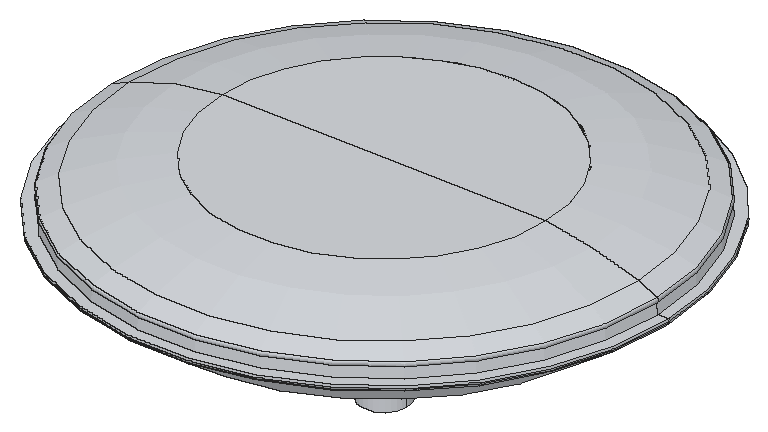
Revit family "Lighting-ArredoUrbano-GEWISS-URBAN[O3]-LED-INNESTO_LATERALE_OTTICA_CICLOPEDONALE", category Apparecchi per illuminazione, host Superficie, Revit 2019
Family settings
  Host = Superficie
  Quota connettore circolare = Usa diametro
  Tipo di parte = Normale
  Numero OmniClass = 23.80.70.00
  Titolo OmniClass = Lighting
  Taglio con vuoti quando caricato = No
  Sorgente d'illuminazione = No
  Condiviso = No
  Punto di calcolo locali = Sì
Parameters (values of type "GWS7208 - URBAN LED 4M 4000K IN.LAT.O.C.GR.GRA")
  Visibility_label [instance] = yes
  Vetro = GEWISS - VETRO
  Versione file RFA = "20.11"
  Urbano 2D [instance] = yes
  URL = "https://www.gewiss.com/it/it"
  Tipologia sorgente luminosa = "LED"
  Tipologia lampada = "LED"
  Tipo alimentatore = "Driver Led in corrente continua"
  Tensione: = "220/240 V - 50/60 Hz"
  Tensione = "220/240 V - 50/60 Hz - Stand alone e/o dimmerabile 1-10 V"
  Temperatura di utilizzo = "-25 +35 °C"
  Temperatura di funzionamento = "-25 +35 °C"
  Temperatura di colore: = "4000 K (CRI 70)"
  Temperatura di colore = "4000 K (CRI 70)"
  Superficie massima esposta al vento = "0,25M2"
  Spostamento_y_etichetta [instance] = 0 mm
  Spostamento_y_effettivo_etichetta [instance] = 1500 mm - Spostamento_y_etichetta  # 1500 mm
  Spostamento_x_etichetta [instance] = 0 mm
  Spostamento_x_effettivo_etichetta [instance] = 1500 mm - Spostamento_x_etichetta  # 1500 mm
  Scheda Tecnica = "https://www.gewiss.com/it/it/search?q=GWS7208"
  SEO = "Stradale"
  Rischio fotobiologico: = "RG1/RG2 @ 20cm"
  Rischio fotobiologico = "RG1/RG2 @ 20cm"
  Resistenza agli urti = "IK08 CORPO - IK06 LENTI"
  R1 = 285 mm  # constant formula
  R = 160 mm  # constant formula
  Simbolo in pianta [instance] = not(Urbano 2D)  # no
  Default Elevation = 1219.2 mm
  Produttore = "GEWISS S.p.A."
  Potenza di sistema = "105W"
  Peso (kg): = "11"
  Peso (kg) = "11"
  Ottica = "Ciclopedonale - ULOR: 0%"
  Numero moduli = "4 (4x16 LED)"
  N. moduli Chorus = "4 (4x16 LED)"
  Modello = "GWS7208"
  Lumen output (lm) = "10560"
  LED LifeTime (L90B20) = "50000H"
  LED LifeTime (L80B20) = "50000h"
  LED Life time (L80B10) = "100000H"
  Immagine tipo = GWS7201.jpg
  IFC.TypeObject = ""
  IFC.ExportType = ""
  IFC.ExportAs = ""
  IDT = "e1528f34-313b-4522-a6c0-c97009e176a5"
  IDF = "fb2fe2b1-1dd6-4fe9-a44e-a8d90994a7e9"
  Grado di protezione = "IP66"
  Garanzia = "5 anni"
  FunzionalitÃ  alimentatore = ""
  Flusso nominale (lm) = "13400"
  Finitura = GEWISS - GRIGIO GRAFITE
  Distanza minima dall'oggetto illuminato = "1M"
  Descrizione = "URBAN LED 4M 4000K INNESTO LAT. OTTICA CICLOPED. GRIGIO"
  Creato da GEWISS S.p.A. = ""
  Corrente di pilotaggio LED = "530mA"
  Corrente di pilotaggio = "530mA"
  Colore = "Grigio grafite"
  Codice Electrocod = "244C"
  Codice EAN = "8011564802650"
  Classe isolamento = "II"
  Catalogo Serie = "URBAN [O3]"
  Catalogo = "LIGHTING"
  COBie.Tagnumber = ""
  COBie.CreatedOn = ""
  COBie.CreatebBy = ""
  COBie.ComponentRegisterItemID = ""
  COBie.Component.TagNumber = ""
  COBie.Component.Space = ""
  COBie.Component.SerialNumber = ""
  COBie.Component.InstallationDate = ""
  COBie.Component.Description = ""
  COBie.Component.BarCode = ""
  Applicazione = "Esterno"
  Adatto per: = "Sbracci commerciali ad innesto laterale"
  Adatto per = "Sbracci commerciali ad innesto laterale"
Types (5, lengths in mm): name | Tensione | Scheda Tecnica | Potenza di sistema | Peso (kg): | Peso (kg) | Numero moduli | N. moduli Chorus | Modello | Lumen output (lm) | IDT | FunzionalitÃ  alimentatore | Flusso nominale (lm) | Descrizione | Codice EAN
  (no name) | "220/240 V - 50/60 Hz - Stand alone e/o dimmerabile 1-10 V" | "https://www.gewiss.com/it/it/search?q=GWS7208" | "105W" | "11" | "11" | "4 (4x16 LED)" | "4 (4x16 LED)" | "GWS7208" | "10560" | "e1528f34-313b-4522-a6c0-c97009e176a5" | "Biregime" | "13400" | "URBAN LED 4M 4000K INNESTO LAT. OTTICA CICLOPED. GRIGIO" | "8011564802650"
  GWS7207 - URBAN LED 3M 4000K IN.LAT.O.C.GR.GRA | "220/240 V - 50/60 Hz - Stand alone e/o dimmerabile 1-10 V" | "https://www.gewiss.com/it/it/search?q=GWS7207" | "81W" | "10,3" | "10,3" | "3 (3x16 LED)" | "3 (3x16 LED)" | "GWS7207" | "8060" | "26f58905-4bfc-4629-96f5-06cf5acb5e82" | "" | "10230" | "URBAN LED 3M 4000K INNESTO LAT. OTTICA CICLOPED. GRIGIO" | "8011564802643"
  GWS7208 - URBAN LED 4M 4000K IN.LAT.O.C.GR.GRA | "220/240 V - 50/60 Hz - Stand alone e/o dimmerabile 1-10 V" | "https://www.gewiss.com/it/it/search?q=GWS7208" | "105W" | "11" | "11" | "4 (4x16 LED)" | "4 (4x16 LED)" | "GWS7208" | "10560" | "e1528f34-313b-4522-a6c0-c97009e176a5" | "" | "13400" | "URBAN LED 4M 4000K INNESTO LAT. OTTICA CICLOPED. GRIGIO" | "8011564802650"
  GWS7227 - URBAN LED 3M 4000K BIR.IN.LAT.O.C.GR.GRA | "220/240 V - 50/60 Hz - Biregime con autoapprendimento" | "https://www.gewiss.com/it/it/search?q=GWS7227" | "81W" | "10,3" | "10,3" | "3 (3x16 LED)" | "3 (3x16 LED)" | "GWS7227" | "8060" | "94889c61-848d-4864-b8ec-3069a0b4ea2d" | "Biregime" | "10230" | "URBAN LED 3M 4000K BIREGIME INNESTO LAT. OTTICA CICLOPED. GRIGIO" | "8011564802766"
  GWS7228 - URBAN LED 4M 4000K BIR.IN.LAT.O.C.GR.GRA | "220/240 V - 50/60 Hz - Biregime con autoapprendimento" | "https://www.gewiss.com/it/it/search?q=GWS7228" | "105W" | "11" | "11" | "4 (4x16 LED)" | "4 (4x16 LED)" | "GWS7228" | "10560" | "8396a719-b230-4b6e-837b-e53ebf4c897f" | "Biregime" | "13400" | "URBAN LED 4M 4000K BIREGIME INNESTO LAT. OTTICA CICLOPED. GRIGIO" | "8011564802773"
Reference planes
  plane 1 "Centro (Fronte/Retro)": y = 0
  plane 2: z = 0
  plane 3 "Centro (Sinistra/Destra)": x = 0
  plane 4: x = -1500
  plane 5: y = -1500
  plane 6: x = 0
  plane 7: y = 0
Lines and regions (mm)
  Masking region 1, visible <- "Urbano 2D"
    outline origin (0, 0, 0) x (1, 0, 0) y (0, 1, 0)
      loop
        circle (0, 0) r 285
  symbolic lines, visible <- "Urbano 2D"
    curve 1: circle (0, 0, 0) r 160 normal (0, 0, 1)
Dimensions and locks
  plane 4 to plane 3 "Centro (Sinistra/Destra)" = 1500 mm
  "Spostamento_x_effettivo_etichetta": plane 4 to plane 6
  plane 1 "Centro (Fronte/Retro)" to plane 5 = 1500 mm
  "Spostamento_y_effettivo_etichetta": plane 7 to plane 5
  "R1": radius of Masking region 1 sketch curve
  "R": radius of curve 1
  aligned and locked: plane 2 to host face
  aligned and locked: level to host face
  aligned and locked: plane 3 "Centro (Sinistra/Destra)" to nested 1
  aligned and locked: plane 3 "Centro (Sinistra/Destra)" to nested 2
  aligned and locked: plane 1 "Centro (Fronte/Retro)" to nested 2
  aligned and locked: nested 2 to host face
  aligned and locked: plane 6 to nested 3
  aligned and locked: nested 3 to plane 7
Automatic sketch dimensions
  host sketch curve to host sketch curve = 2438.4 mm  (x2)
  plane 1 "Centro (Fronte/Retro)" to curve 1 = 0 mm
  curve 1 to plane 3 "Centro (Sinistra/Destra)" = 0 mm
  plane 1 "Centro (Fronte/Retro)" to Masking region 1 sketch curve = 0 mm
  Masking region 1 sketch curve to plane 3 "Centro (Sinistra/Destra)" = 0 mm
Nested families
  nested 1: "URBANO_annotazione" at (0, 0, 0), visible <- "Simbolo in pianta", type "URBANO_annotazione"
  nested 2: "Generico - URBAN[O3] ILLUM URBANA LED INNESTO LAT OTTICA CICLOPED" at (0, 0, 215.679) x (1, 0, 0) z (0, 0, -1), type "Generico - URBAN[O3] ILLUM URBANA LED INNESTO LAT OTTICA CICLOPED"
  nested 3: "ETICHETTA LIGHT" at (0, 0, 0), visible <- "Visibility_label", type "ETICHETTA LIGHT"
Definition of nested family "Generico - URBAN[O3] ILLUM URBANA LED INNESTO LAT OTTICA CICLOPED"
  Parameters (values of type "Generico - URBAN[O3] ILLUM URBANA LED INNESTO LAT OTTICA CICLOPED")
    Default Elevation = 1219.2 mm
  Reference planes
    plane 1 "Centro (Fronte/Retro)": y = 0
    plane 2: z = 0
    plane 3 "Centro (Sinistra/Destra)": x = 0
    plane 4: z = 33.903
    plane 5: z = 44.56
    plane 6: z = 150.179
    plane 7: z = 175.679
    plane 8: z = 195.679
    plane 9: z = 215.679
    plane 10: x = -22.868
    plane 11: x = -28.868
    plane 12: x = -32.868
  Forms (mm)
    Revolve 1, solid
      sketch origin (0, 0, 0) x (1, 0, 0) y (0, 0, 1)
        loop
          line (0, 145.179) -> (-39.848, 145.179) -> (-43.403, 143.885)
          arc (-43.403, 143.885) -> (-170.03, 116.692) -> (-281.867, 51.376) r 410.213
          arc (-281.867, 51.376) -> (-283.095, 50.238) -> (-284.305, 49.08) r 104.477
          arc (-284.305, 49.08) -> (-284.915, 48.205) -> (-285.157, 47.166) r 2.821
          line (-285.157, 47.166) -> (-285.157, 44.56) -> (0, 44.56) -> (0, 145.179)
        axis (0, 145.179) -> (0, 44.56)
      angle from 0 to 360
    Revolve 2, solid
      sketch origin (0, 0, 0) x (1, 0, 0) y (0, 0, 1)
        loop
          line (0, 44.56) -> (-273.995, 44.56) -> (-273.274, 33.903)
          arc (-273.274, 33.903) -> (-274.138, 31.863) -> (-273.281, 29.819) r 2.854
          arc (-273.281, 29.819) -> (-264.038, 25.43) -> (-254.645, 21.373) r 286.239
          arc (-254.645, 21.373) -> (-209.229, 6.908) -> (-162.069, 0) r 292.91
          line (-162.069, 0) -> (0, 0) -> (0, 44.56)
        axis (0, 44.56) -> (0, 0)
      angle from 0 to 360
    Revolve 3, solid
      sketch origin (0, 0, 0) x (1, 0, 0) y (0, 0, 1)
        loop
          line (-28.868, 195.679) -> (-28.868, 175.679) -> (-32.868, 175.679) -> (-32.868, 150.179) -> (0, 150.179) -> (0, 215.679) -> (-22.868, 215.679) -> (-22.868, 195.679) -> (-28.868, 195.679)
        axis (0, 215.679) -> (0, 150.179)
      angle from 0 to 360
  Lines and regions (mm)
    model lines
      curve 1: line (0, 0, 149.579) -> (0, 0, 134.579)
  Dimensions and locks
    locked: plane 5 to plane 4 at 10.656
    plane 4 to plane 2 = 33.903 mm
    locked: plane 7 to plane 6 at 25.5
    locked: plane 8 to plane 7 at 20
    locked: plane 9 to plane 8 at 20
    locked: plane 3 "Centro (Sinistra/Destra)" to plane 10 at 22.868
    locked: plane 11 to plane 10 at 6
    locked: plane 12 to plane 11 at 4
    aligned and locked: level to plane 2
    aligned and locked: Revolve 1 sketch curve to plane 5
    aligned and locked: Revolve 1 sketch curve to plane 3 "Centro (Sinistra/Destra)"
    aligned and locked: Revolve 2 sketch curve to plane 5
    aligned and locked: Revolve 2 sketch curve to level
    aligned and locked: Revolve 2 sketch curve to plane 3 "Centro (Sinistra/Destra)"
    aligned and locked: Revolve 3 sketch curve to plane 8
    aligned and locked: Revolve 3 sketch curve to plane 7
    aligned and locked: Revolve 3 sketch curve to plane 6
    aligned and locked: Revolve 3 sketch curve to plane 3 "Centro (Sinistra/Destra)"
    aligned and locked: Revolve 3 sketch curve to plane 10
    aligned and locked: Revolve 3 sketch curve to plane 11
    aligned and locked: Revolve 3 sketch curve to plane 12
    aligned and locked: Revolve 3 sketch curve to plane 9
Definition of nested family "URBANO_annotazione"
  Reference planes
    plane 1: y = 0
    plane 2: x = 0
  Lines and regions (mm)
    detail lines
      curve 1: circle (0.023, 0.036, 0) r 2.492 normal (0, 0, 1)
      curve 2: line (-1.739, 1.798, 0) -> (1.785, -1.726, 0)
      curve 3: line (-1.739, -1.726, 0) -> (1.785, 1.798, 0)
Definition of nested family "ETICHETTA LIGHT"
  Parameters (values of type "ETICHETTA LIGHT")
    COMMENTI = "32W"
  Reference planes
    plane 1: y = 0
    plane 2: x = 0
  Text (mm)
    label "COMMENTI" at (-0.057, 0.105, 0), shows "COMMENTI"
